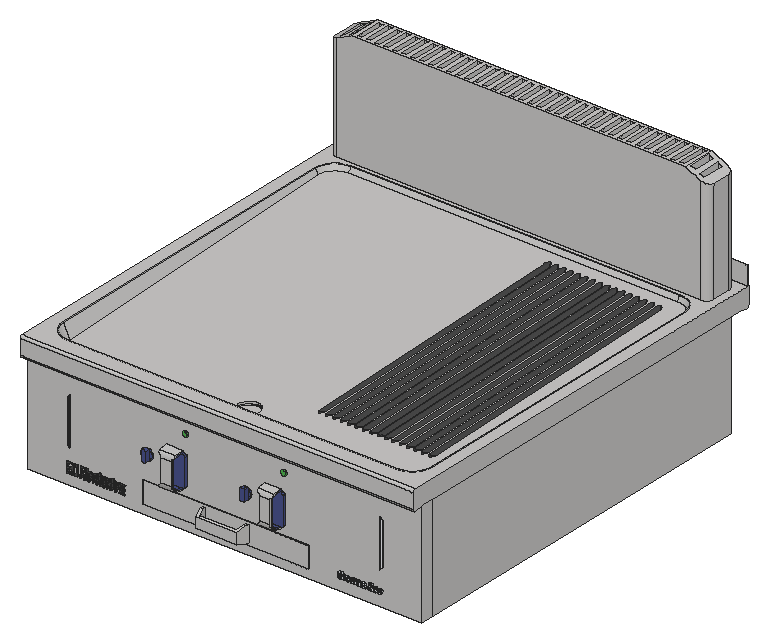
Revit family "QF_ELECTROLUXPROFESSIONAL_593111_MBHOBBHOVO", category Specialty Equipment, Revit 2014
Parameters
  Weight in Pounds = 487.22
  URL Cutsheet = ""
  Type Mark [instance] = ""
  Specification by User [instance] = ""
  Specification by Manufacturer = ""
  Serial Number = ""
  Seismic Rating = ""
  SMACNA No = ""
  Revision Code [instance] = ""
  Omniclass Number and Title = ""
  NAFEM Spec ID Number = ""
  Model = "588557"
  Masterspec = ""
  Manufacturer = "Electrolux Professional"
  Item Number [instance] = ""
  Installed By [instance] = ""
  Identify Quantity as Lot [instance] = yes
  Furnished By [instance] = ""
  Foodservice Equipment Identifier [instance] = yes
  Description = ""
  CSI MasterFormat = ""
  CSI Master Format = ""
Reference planes
  plane 1 "BACK": y = 0
  plane 2: z = 0
  plane 3 "LEFT": x = 0
  plane 4 "RIGHT": x = 800
  plane 5 "FRONT": y = -850
  plane 6 "TOP": z = 900
  plane 7 "Center (Left/Right)": x = 400
  plane 8: y = -425
  plane 9: y = -150
  plane 10: y = -65
  plane 11: y = -813
  plane 12 "GasY": y = -540
  plane 13: z = 938
  plane 14 "BaseTop": z = 650
  plane 15: y = -805
  plane 16 "Camino": y = -50
  plane 17: z = 1131
  plane 18 "GASx": x = 764
  plane 19 "PlaneRibbed": through (-6096, -91.999, 890) normal (0, -0.0262, 0.9997)
Forms (mm)
  Extrusion 1, solid, material "QF_Finishes_Stainless Steel"
    sketch origin (-178.969, -4572, 100) x (-1, 0, 0) y (0, -1, 0)
      loop
        line (-178.969, -4527) -> (-178.969, -3767) -> (-978.969, -3767) -> (-978.969, -4527) -> (-178.969, -4527)
    from 550 to 762.969
  Extrusion 2, solid, material "QF_Finishes_Stainless Steel"
    sketch origin (400, 296.4, 1219.2) x (0, 1, 0) y (0, 0, 1)
      loop
        line (-296.4, -319.2) -> (-1141.4, -319.2)
        arc (-1141.4, -319.2) -> (-1144.935, -320.664) -> (-1146.4, -324.2) r 5
        line (-1146.4, -324.2) -> (-1146.4, -355.2)
        arc (-1146.4, -355.2) -> (-1144.971, -358.264) -> (-1141.705, -359.139) r 4
        line (-1141.705, -359.139) -> (-1126.4, -356.231) -> (-316.4, -356.231) -> (-301.094, -359.139)
        arc (-301.094, -359.139) -> (-297.829, -358.264) -> (-296.4, -355.2) r 4
        line (-296.4, -355.2) -> (-296.4, -319.2)
    from -400 to 400
  Extrusion 3, void
    sketch origin (0, 0, 900) x (-1, 0, 0) y (0, -1, 0)
      loop
        arc (-65, 92) -> (-36.716, 103.716) -> (-25, 132) r 40
        line (-25, 132) -> (-25, 773)
        arc (-25, 773) -> (-36.716, 801.284) -> (-65, 813) r 40
        line (-65, 813) -> (-735, 813)
        arc (-735, 813) -> (-763.284, 801.284) -> (-775, 773) r 40
        line (-775, 773) -> (-775, 132)
        arc (-775, 132) -> (-763.284, 103.716) -> (-735, 92) r 40
        line (-735, 92) -> (-65, 92)
    from 0 to -30
  Extrusion 4, solid, material "QF_Finishes_Stainless Steel"
    sketch origin (400, 296.4, 1219.2) x (0, 1, 0) y (0, 0, 1)
      loop
        line (-296.4, -319.2) -> (-296.4, -281.2) -> (-298.4, -281.2) -> (-298.4, -319.2) -> (-296.4, -319.2)
    from 400 to -400
  Extrusion 5, solid, material "QF_Finishes_Stainless Steel"
    sketch origin (9, 0, 650) x (-1, 0, 0) y (0, -1, 0)
      loop
        circle (-755, 540) r 10.1
    from 0 to -10
  Sweep 6, solid, material "QF_Finishes_Stainless Steel"
    path origin (0, 0, 900) x (-1, 0, 0) y (0, -1, 0)
      loop
        line (-25, 132) -> (-25, 773)
        arc (-25, 773) -> (-36.716, 801.284) -> (-65, 813) r 40
        line (-65, 813) -> (-735, 813)
        arc (-735, 813) -> (-763.284, 801.284) -> (-775, 773) r 40
        line (-775, 773) -> (-775, 132)
        arc (-775, 132) -> (-763.284, 103.716) -> (-735, 92) r 40
        line (-735, 92) -> (-65, 92)
        arc (-65, 92) -> (-36.716, 103.716) -> (-25, 132) r 40
    profile origin (25, -452.5, 900) x (1, 0, 0) y (0, 0, 1)
      loop
        line (0, 0) -> (0, -30) -> (15, -30) -> (0, 0)
  Extrusion 7, void
    sketch origin (305.009, 0, 900) x (-1, 0, 0) y (0, -1, 0)
      loop
        circle (-94.991, 769) r 22.248
    from -32.282 to -6.62
  Extrusion 8, solid, material "QF_Finishes_Stainless Steel"
    sketch origin (0, -50, 900) x (1, 0, 0) y (0, 0, 1)
      loop
        line (15, 0) -> (785, 0) -> (785, 209.869) -> (739.685, 231) -> (60.315, 231) -> (15, 209.869) -> (15, 0)
    from 33 to -33
  Extrusion 9, void
    sketch origin (0, 0, 900) x (-1, 0, 0) y (0, -1, 0)
      loop
        line (-15, 83) -> (-30, 83)
        arc (-30, 83) -> (-19.393, 78.607) -> (-15, 68) r 15
        line (-15, 68) -> (-15, 83)
      loop
        line (-15, 17) -> (-15, 32)
        arc (-15, 32) -> (-19.393, 21.393) -> (-30, 17) r 15
        line (-30, 17) -> (-15, 17)
      loop
        line (-785, 83) -> (-785, 68)
        arc (-785, 68) -> (-780.607, 78.607) -> (-770, 83) r 15
        line (-770, 83) -> (-785, 83)
      loop
        line (-785, 17) -> (-770, 17)
        arc (-770, 17) -> (-780.607, 21.393) -> (-785, 32) r 15
        line (-785, 32) -> (-785, 17)
      loop
        line (-413.234, 23) -> (-413.234, 77) -> (-423.234, 77) -> (-423.234, 23) -> (-413.234, 23)
      loop
        line (-395, 23) -> (-395, 77) -> (-405, 77) -> (-405, 23) -> (-395, 23)
      loop
        line (-431.469, 23) -> (-431.469, 77) -> (-441.469, 77) -> (-441.469, 23) -> (-431.469, 23)
      loop
        line (-449.703, 23) -> (-449.703, 77) -> (-459.703, 77) -> (-459.703, 23) -> (-449.703, 23)
      loop
        line (-467.938, 23) -> (-467.938, 77) -> (-477.938, 77) -> (-477.938, 23) -> (-467.938, 23)
      loop
        line (-486.172, 23) -> (-486.172, 77) -> (-496.172, 77) -> (-496.172, 23) -> (-486.172, 23)
      loop
        line (-504.406, 23) -> (-504.406, 77) -> (-514.406, 77) -> (-514.406, 23) -> (-504.406, 23)
      loop
        line (-522.641, 23) -> (-522.641, 77) -> (-532.641, 77) -> (-532.641, 23) -> (-522.641, 23)
      loop
        line (-540.875, 23) -> (-540.875, 77) -> (-550.875, 77) -> (-550.875, 23) -> (-540.875, 23)
      loop
        line (-559.109, 23) -> (-559.109, 77) -> (-569.109, 77) -> (-569.109, 23) -> (-559.109, 23)
      loop
        line (-577.344, 23) -> (-577.344, 77) -> (-587.344, 77) -> (-587.344, 23) -> (-577.344, 23)
      loop
        line (-595.578, 23) -> (-595.578, 77) -> (-605.578, 77) -> (-605.578, 23) -> (-595.578, 23)
      loop
        line (-613.813, 23) -> (-613.813, 77) -> (-623.813, 77) -> (-623.813, 23) -> (-613.813, 23)
      loop
        line (-632.047, 23) -> (-632.047, 77) -> (-642.047, 77) -> (-642.047, 23) -> (-632.047, 23)
      loop
        line (-650.281, 23) -> (-650.281, 77) -> (-660.281, 77) -> (-660.281, 23) -> (-650.281, 23)
      loop
        line (-668.516, 23) -> (-668.516, 77) -> (-678.516, 77) -> (-678.516, 23) -> (-668.516, 23)
      loop
        line (-686.75, 23) -> (-686.75, 77) -> (-696.75, 77) -> (-696.75, 23) -> (-686.75, 23)
      loop
        line (-704.985, 23) -> (-704.985, 77) -> (-714.985, 77) -> (-714.985, 23) -> (-704.985, 23)
      loop
        line (-723.219, 23) -> (-723.219, 77) -> (-733.219, 77) -> (-733.219, 23) -> (-723.219, 23)
      loop
        line (-741.453, 26) -> (-741.453, 74) -> (-751.453, 74) -> (-751.453, 26) -> (-741.453, 26)
      loop
        line (-759.688, 26) -> (-759.688, 74) -> (-769.688, 74) -> (-769.688, 26) -> (-759.688, 26)
      loop
        line (-386.766, 23) -> (-376.766, 23) -> (-376.766, 77) -> (-386.766, 77) -> (-386.766, 23)
      loop
        line (-368.531, 23) -> (-358.531, 23) -> (-358.531, 77) -> (-368.531, 77) -> (-368.531, 23)
      loop
        line (-350.297, 23) -> (-340.297, 23) -> (-340.297, 77) -> (-350.297, 77) -> (-350.297, 23)
      loop
        line (-332.062, 23) -> (-322.062, 23) -> (-322.062, 77) -> (-332.062, 77) -> (-332.062, 23)
      loop
        line (-313.828, 23) -> (-303.828, 23) -> (-303.828, 77) -> (-313.828, 77) -> (-313.828, 23)
      loop
        line (-295.594, 23) -> (-285.594, 23) -> (-285.594, 77) -> (-295.594, 77) -> (-295.594, 23)
      loop
        line (-277.359, 23) -> (-267.359, 23) -> (-267.359, 77) -> (-277.359, 77) -> (-277.359, 23)
      loop
        line (-259.125, 23) -> (-249.125, 23) -> (-249.125, 77) -> (-259.125, 77) -> (-259.125, 23)
      loop
        line (-240.891, 23) -> (-230.891, 23) -> (-230.891, 77) -> (-240.891, 77) -> (-240.891, 23)
      loop
        line (-222.656, 23) -> (-212.656, 23) -> (-212.656, 77) -> (-222.656, 77) -> (-222.656, 23)
      loop
        line (-204.422, 23) -> (-194.422, 23) -> (-194.422, 77) -> (-204.422, 77) -> (-204.422, 23)
      loop
        line (-186.187, 23) -> (-176.187, 23) -> (-176.187, 77) -> (-186.187, 77) -> (-186.187, 23)
      loop
        line (-167.953, 23) -> (-157.953, 23) -> (-157.953, 77) -> (-167.953, 77) -> (-167.953, 23)
      loop
        line (-149.719, 23) -> (-139.719, 23) -> (-139.719, 77) -> (-149.719, 77) -> (-149.719, 23)
      loop
        line (-131.484, 23) -> (-121.484, 23) -> (-121.484, 77) -> (-131.484, 77) -> (-131.484, 23)
      loop
        line (-113.25, 23) -> (-103.25, 23) -> (-103.25, 77) -> (-113.25, 77) -> (-113.25, 23)
      loop
        line (-95.015, 23) -> (-85.015, 23) -> (-85.015, 77) -> (-95.015, 77) -> (-95.015, 23)
      loop
        line (-76.781, 23) -> (-66.781, 23) -> (-66.781, 77) -> (-76.781, 77) -> (-76.781, 23)
      loop
        line (-58.547, 26) -> (-48.547, 26) -> (-48.547, 74) -> (-58.547, 74) -> (-58.547, 26)
      loop
        line (-40.312, 26) -> (-30.312, 26) -> (-30.312, 74) -> (-40.312, 74) -> (-40.312, 26)
    from 231 to 0
  Extrusion 10, solid, material "QF_Finishes_Stainless Steel"
    sketch origin (400, 296.4, 1219.2) x (0, 1, 0) y (0, 0, 1)
      loop
        line (-1109.4, -349.2) -> (-388.4, -349.2) -> (-388.4, -329.2) -> (-1109.4, -347.5) -> (-1109.4, -349.2)
    from -375 to 375
  Extrusion 11, void
    sketch origin (305.009, 0, 900) x (-1, 0, 0) y (0, -1, 0)
      loop
        circle (-94.991, 769) r 22.248
    from -32.282 to -6.62
Cuts and joins
  Extrusion 3, Extrusion 7, Extrusion 9, Extrusion 11 cuts Extrusion 2
  Extrusion 9 cuts Extrusion 8
  Extrusion 11 cuts Sweep 6
  Extrusion 11 cuts Extrusion 10
  joined: Sweep 6, Extrusion 10
Lines and regions (mm)
  symbolic lines
    curve 1: line (0, 0, 100) -> (800, 0, 100)
    curve 2: line (0, -850, 100) -> (0, 0, 100)
    curve 3: line (800, -850, 100) -> (0, -850, 100)
    curve 4: line (800, 0, 100) -> (800, -850, 100)
    curve 5: line (0, -2, 0) -> (800, -2, 0)
    curve 6: line (734.029, -92, 0) -> (65.29, -92, 0)
    curve 7: line (65.29, -813, 0) -> (734.029, -813, 0)
    curve 8: line (65, -107, 900) -> (735, -107, 900)
    curve 9: line (735, -798, 900) -> (65, -798, 900)
    curve 10: arc (760, -773, 900) -> (752.678, -790.678, 900) -> (735, -798, 900) r 25
    curve 11: line (760, -132, 900) -> (760, -773, 900)
    curve 12: arc (735, -107, 900) -> (752.678, -114.322, 900) -> (760, -132, 900) r 25
    curve 13: circle (400, -769, 900) r 22.248 normal (0, 0, 1)
    curve 14: arc (90.5, -112.483, 900) -> (62.314, -124.096, 900) -> (50.5, -152.198, 900) r 39.994
    curve 15: line (90.5, -112.482, 900) -> (710.5, -112.482, 900)
    curve 16: line (50.5, -686.082, 900) -> (50.5, -152.198, 900)
    curve 17: arc (50.5, -686.082, 900) -> (62.314, -714.184, 900) -> (90.5, -725.797, 900) r 39.994
    curve 18: line (710.5, -725.798, 900) -> (90.5, -725.798, 900)
    curve 19: line (40.29, -731.526, 900) -> (760, -731.526, 900)
    curve 20: line (40.29, -741.526, 900) -> (760, -741.526, 900)
    curve 21: arc (65, -92, 900) -> (36.716, -103.716, 900) -> (25, -132, 900) r 40
    curve 22: line (25, -132, 900) -> (25, -773, 900)
    curve 23: arc (25, -773, 900) -> (36.716, -801.284, 900) -> (65, -813, 900) r 40
    curve 24: arc (735, -813, 900) -> (763.284, -801.284, 900) -> (775, -773, 900) r 40
    curve 25: line (775, -773, 900) -> (775, -132, 900)
    curve 26: arc (775, -132, 900) -> (763.284, -103.716, 900) -> (735, -92, 900) r 40
    curve 27: arc (709.5, -112.483, 900) -> (737.686, -124.096, 900) -> (749.5, -152.198, 900) r 39.994
    curve 28: line (749.5, -686.082, 900) -> (749.5, -152.198, 900)
    curve 29: arc (749.5, -686.082, 900) -> (737.686, -714.184, 900) -> (709.5, -725.797, 900) r 39.994
    curve 30: arc (65, -798, 900) -> (47.322, -790.678, 900) -> (40, -773, 900) r 25
    curve 31: line (40, -773, 900) -> (40, -132, 900)
    curve 32: arc (40, -132, 900) -> (47.322, -114.322, 900) -> (65, -107, 900) r 25
    curve 33: line (30, -83, 650) -> (770, -83, 650)
    curve 34: line (770, -17, 650) -> (30, -17, 650)
    curve 35: arc (15, -32, 650) -> (19.393, -21.393, 650) -> (30, -17, 650) r 15
    curve 36: line (15, -32, 650) -> (15, -68, 650)
    curve 37: arc (30, -83, 650) -> (19.393, -78.607, 650) -> (15, -68, 650) r 15
    curve 38: arc (785, -68, 650) -> (780.607, -78.607, 650) -> (770, -83, 650) r 15
    curve 39: line (785, -68, 650) -> (785, -32, 650)
    curve 40: arc (770, -17, 650) -> (780.607, -21.393, 650) -> (785, -32, 650) r 15
    curve 41: line (30.312, -26, 650) -> (30.312, -74, 650)
    curve 42: line (40.312, -26, 650) -> (30.312, -26, 650)
    curve 43: line (30.312, -74, 650) -> (40.312, -74, 650)
    curve 44: line (40.312, -74, 650) -> (40.312, -26, 650)
    curve 45: line (48.547, -74, 650) -> (58.547, -74, 650)
    curve 46: line (48.547, -26, 650) -> (48.547, -74, 650)
    curve 47: line (58.547, -26, 650) -> (48.547, -26, 650)
    curve 48: line (58.547, -74, 650) -> (58.547, -26, 650)
    curve 49: line (66.781, -23, 650) -> (66.781, -77, 650)
    curve 50: line (66.781, -23, 650) -> (76.781, -23, 650)
    curve 51: line (76.781, -23, 650) -> (76.781, -77, 650)
    curve 52: line (76.781, -77, 650) -> (66.781, -77, 650)
    curve 53: line (85.015, -23, 650) -> (85.015, -77, 650)
    curve 54: line (85.015, -23, 650) -> (95.015, -23, 650)
    curve 55: line (95.015, -23, 650) -> (95.015, -77, 650)
    curve 56: line (95.015, -77, 650) -> (85.015, -77, 650)
    curve 57: line (103.25, -23, 650) -> (103.25, -77, 650)
    curve 58: line (103.25, -23, 650) -> (113.25, -23, 650)
    curve 59: line (113.25, -23, 650) -> (113.25, -77, 650)
    curve 60: line (113.25, -77, 650) -> (103.25, -77, 650)
    curve 61: line (121.484, -23, 650) -> (121.484, -77, 650)
    curve 62: line (121.484, -23, 650) -> (131.484, -23, 650)
    curve 63: line (131.484, -23, 650) -> (131.484, -77, 650)
    curve 64: line (131.484, -77, 650) -> (121.484, -77, 650)
    curve 65: line (139.719, -23, 650) -> (139.719, -77, 650)
    curve 66: line (139.719, -23, 650) -> (149.719, -23, 650)
    curve 67: line (149.719, -23, 650) -> (149.719, -77, 650)
    curve 68: line (149.719, -77, 650) -> (139.719, -77, 650)
    curve 69: line (157.953, -23, 650) -> (157.953, -77, 650)
    curve 70: line (157.953, -23, 650) -> (167.953, -23, 650)
    curve 71: line (167.953, -23, 650) -> (167.953, -77, 650)
    curve 72: line (167.953, -77, 650) -> (157.953, -77, 650)
    curve 73: line (176.187, -23, 650) -> (176.187, -77, 650)
    curve 74: line (176.187, -23, 650) -> (186.187, -23, 650)
    curve 75: line (186.187, -23, 650) -> (186.187, -77, 650)
    curve 76: line (186.187, -77, 650) -> (176.187, -77, 650)
    curve 77: line (194.422, -23, 650) -> (194.422, -77, 650)
    curve 78: line (194.422, -23, 650) -> (204.422, -23, 650)
    curve 79: line (204.422, -23, 650) -> (204.422, -77, 650)
    curve 80: line (204.422, -77, 650) -> (194.422, -77, 650)
    curve 81: line (212.656, -23, 650) -> (212.656, -77, 650)
    curve 82: line (212.656, -23, 650) -> (222.656, -23, 650)
    curve 83: line (222.656, -23, 650) -> (222.656, -77, 650)
    curve 84: line (222.656, -77, 650) -> (212.656, -77, 650)
    curve 85: line (230.891, -23, 650) -> (230.891, -77, 650)
    curve 86: line (230.891, -23, 650) -> (240.891, -23, 650)
    curve 87: line (240.891, -23, 650) -> (240.891, -77, 650)
    curve 88: line (240.891, -77, 650) -> (230.891, -77, 650)
    curve 89: line (249.125, -23, 650) -> (249.125, -77, 650)
    curve 90: line (249.125, -23, 650) -> (259.125, -23, 650)
    curve 91: line (259.125, -23, 650) -> (259.125, -77, 650)
    curve 92: line (259.125, -77, 650) -> (249.125, -77, 650)
    curve 93: line (267.359, -23, 650) -> (267.359, -77, 650)
    curve 94: line (267.359, -23, 650) -> (277.359, -23, 650)
    curve 95: line (277.359, -23, 650) -> (277.359, -77, 650)
    curve 96: line (277.359, -77, 650) -> (267.359, -77, 650)
    curve 97: line (285.594, -23, 650) -> (285.594, -77, 650)
    curve 98: line (285.594, -23, 650) -> (295.594, -23, 650)
    curve 99: line (295.594, -23, 650) -> (295.594, -77, 650)
    curve 100: line (295.594, -77, 650) -> (285.594, -77, 650)
    curve 101: line (303.828, -23, 650) -> (303.828, -77, 650)
    curve 102: line (303.828, -23, 650) -> (313.828, -23, 650)
    curve 103: line (313.828, -23, 650) -> (313.828, -77, 650)
    curve 104: line (313.828, -77, 650) -> (303.828, -77, 650)
    curve 105: line (322.062, -23, 650) -> (322.062, -77, 650)
    curve 106: line (322.062, -23, 650) -> (332.062, -23, 650)
    curve 107: line (332.062, -23, 650) -> (332.062, -77, 650)
    curve 108: line (332.062, -77, 650) -> (322.062, -77, 650)
    curve 109: line (340.297, -23, 650) -> (340.297, -77, 650)
    curve 110: line (340.297, -23, 650) -> (350.297, -23, 650)
    curve 111: line (350.297, -23, 650) -> (350.297, -77, 650)
    curve 112: line (350.297, -77, 650) -> (340.297, -77, 650)
    curve 113: line (358.531, -23, 650) -> (358.531, -77, 650)
    curve 114: line (358.531, -23, 650) -> (368.531, -23, 650)
    curve 115: line (368.531, -23, 650) -> (368.531, -77, 650)
    curve 116: line (368.531, -77, 650) -> (358.531, -77, 650)
    curve 117: line (376.766, -23, 650) -> (376.766, -77, 650)
    curve 118: line (376.766, -23, 650) -> (386.766, -23, 650)
    curve 119: line (386.766, -23, 650) -> (386.766, -77, 650)
    curve 120: line (386.766, -77, 650) -> (376.766, -77, 650)
    curve 121: line (395, -23, 650) -> (395, -77, 650)
    curve 122: line (395, -23, 650) -> (405, -23, 650)
    curve 123: line (405, -23, 650) -> (405, -77, 650)
    curve 124: line (405, -77, 650) -> (395, -77, 650)
    curve 125: line (413.234, -23, 650) -> (413.234, -77, 650)
    curve 126: line (413.234, -23, 650) -> (423.234, -23, 650)
    curve 127: line (423.234, -23, 650) -> (423.234, -77, 650)
    curve 128: line (423.234, -77, 650) -> (413.234, -77, 650)
    curve 129: line (431.469, -23, 650) -> (431.469, -77, 650)
    curve 130: line (431.469, -23, 650) -> (441.469, -23, 650)
    curve 131: line (441.469, -23, 650) -> (441.469, -77, 650)
    curve 132: line (441.469, -77, 650) -> (431.469, -77, 650)
    curve 133: line (449.703, -23, 650) -> (449.703, -77, 650)
    curve 134: line (449.703, -23, 650) -> (459.703, -23, 650)
    curve 135: line (459.703, -23, 650) -> (459.703, -77, 650)
    curve 136: line (459.703, -77, 650) -> (449.703, -77, 650)
    curve 137: line (467.938, -23, 650) -> (467.938, -77, 650)
    curve 138: line (467.938, -23, 650) -> (477.938, -23, 650)
    curve 139: line (477.938, -23, 650) -> (477.938, -77, 650)
    curve 140: line (477.938, -77, 650) -> (467.938, -77, 650)
    curve 141: line (486.172, -23, 650) -> (486.172, -77, 650)
    curve 142: line (486.172, -23, 650) -> (496.172, -23, 650)
    curve 143: line (496.172, -23, 650) -> (496.172, -77, 650)
    curve 144: line (496.172, -77, 650) -> (486.172, -77, 650)
    curve 145: line (504.406, -23, 650) -> (504.406, -77, 650)
    curve 146: line (504.406, -23, 650) -> (514.406, -23, 650)
    curve 147: line (514.406, -23, 650) -> (514.406, -77, 650)
    curve 148: line (514.406, -77, 650) -> (504.406, -77, 650)
    curve 149: line (522.641, -23, 650) -> (522.641, -77, 650)
    curve 150: line (522.641, -23, 650) -> (532.641, -23, 650)
    curve 151: line (532.641, -23, 650) -> (532.641, -77, 650)
    curve 152: line (532.641, -77, 650) -> (522.641, -77, 650)
    curve 153: line (540.875, -23, 650) -> (540.875, -77, 650)
    curve 154: line (540.875, -23, 650) -> (550.875, -23, 650)
    curve 155: line (550.875, -23, 650) -> (550.875, -77, 650)
    curve 156: line (550.875, -77, 650) -> (540.875, -77, 650)
    curve 157: line (559.109, -23, 650) -> (559.109, -77, 650)
    curve 158: line (559.109, -23, 650) -> (569.109, -23, 650)
    curve 159: line (569.109, -23, 650) -> (569.109, -77, 650)
    curve 160: line (569.109, -77, 650) -> (559.109, -77, 650)
    curve 161: line (577.344, -23, 650) -> (577.344, -77, 650)
    curve 162: line (577.344, -23, 650) -> (587.344, -23, 650)
    curve 163: line (587.344, -23, 650) -> (587.344, -77, 650)
    curve 164: line (587.344, -77, 650) -> (577.344, -77, 650)
    curve 165: line (595.578, -23, 650) -> (595.578, -77, 650)
    curve 166: line (595.578, -23, 650) -> (605.578, -23, 650)
    curve 167: line (605.578, -23, 650) -> (605.578, -77, 650)
    curve 168: line (605.578, -77, 650) -> (595.578, -77, 650)
    curve 169: line (613.813, -23, 650) -> (613.813, -77, 650)
    curve 170: line (613.813, -23, 650) -> (623.813, -23, 650)
    curve 171: line (623.813, -23, 650) -> (623.813, -77, 650)
    curve 172: line (623.813, -77, 650) -> (613.813, -77, 650)
    curve 173: line (632.047, -23, 650) -> (632.047, -77, 650)
    curve 174: line (632.047, -23, 650) -> (642.047, -23, 650)
    curve 175: line (642.047, -23, 650) -> (642.047, -77, 650)
    curve 176: line (642.047, -77, 650) -> (632.047, -77, 650)
    curve 177: line (650.281, -23, 650) -> (650.281, -77, 650)
    curve 178: line (650.281, -23, 650) -> (660.281, -23, 650)
    curve 179: line (660.281, -23, 650) -> (660.281, -77, 650)
    curve 180: line (660.281, -77, 650) -> (650.281, -77, 650)
    curve 181: line (668.516, -23, 650) -> (668.516, -77, 650)
    curve 182: line (668.516, -23, 650) -> (678.516, -23, 650)
    curve 183: line (678.516, -23, 650) -> (678.516, -77, 650)
    curve 184: line (678.516, -77, 650) -> (668.516, -77, 650)
    curve 185: line (686.75, -23, 650) -> (686.75, -77, 650)
    curve 186: line (686.75, -23, 650) -> (696.75, -23, 650)
    curve 187: line (696.75, -23, 650) -> (696.75, -77, 650)
    curve 188: line (696.75, -77, 650) -> (686.75, -77, 650)
    curve 189: line (704.985, -23, 650) -> (704.985, -77, 650)
    curve 190: line (704.985, -23, 650) -> (714.985, -23, 650)
    curve 191: line (714.985, -23, 650) -> (714.985, -77, 650)
    curve 192: line (714.985, -77, 650) -> (704.985, -77, 650)
    curve 193: line (723.219, -23, 650) -> (723.219, -77, 650)
    curve 194: line (723.219, -23, 650) -> (733.219, -23, 650)
    curve 195: line (733.219, -23, 650) -> (733.219, -77, 650)
    curve 196: line (733.219, -77, 650) -> (723.219, -77, 650)
    curve 197: line (741.453, -26, 650) -> (741.453, -74, 650)
    curve 198: line (741.453, -26, 650) -> (751.453, -26, 650)
    curve 199: line (751.453, -26, 650) -> (751.453, -74, 650)
    curve 200: line (751.453, -74, 650) -> (741.453, -74, 650)
    curve 201: line (759.688, -26, 650) -> (759.688, -74, 650)
    curve 202: line (759.688, -26, 650) -> (769.688, -26, 650)
    curve 203: line (769.688, -26, 650) -> (769.688, -74, 650)
    curve 204: line (769.688, -74, 650) -> (759.688, -74, 650)
Dimensions and locks
  plane 3 "LEFT" to plane 4 "RIGHT" = 800 mm
  locked: plane 5 "FRONT" to plane 1 "BACK" at 850
  plane 3 "LEFT" to plane 7 "Center (Left/Right)" to plane 4 "RIGHT" = 400 mm, 400 mm
  equal spacing: plane 5 "FRONT", plane 8, plane 1 "BACK"
  plane 6 "TOP" to level = 900 mm  (x2)
  plane 1 "BACK" to plane 9 = 150 mm
  plane 12 "GasY" to plane 1 "BACK" = 540 mm
  plane 13 to plane 6 "TOP" = 38 mm
  plane 10 to plane 1 "BACK" = 65 mm
  plane 5 "FRONT" to plane 11 = 37 mm
  locked: plane 6 "TOP" to plane 14 "BaseTop" at 250
  locked: plane 15 to plane 5 "FRONT" at 45
  plane 16 "Camino" to plane 1 "BACK" = 50 mm
  plane 17 to plane 6 "TOP" = 231 mm
  plane 18 "GASx" to plane 4 "RIGHT" = 36 mm
  aligned and locked: level to plane 2
  aligned and locked: cut or joined group of Extrusion 2, Extrusion 3, Extrusion 7, Extrusion 9, Extrusion 11 to plane 3 "LEFT"
  aligned and locked: cut or joined group of Extrusion 2, Extrusion 3, Extrusion 7, Extrusion 9, Extrusion 11 to plane 4 "RIGHT"
  aligned and locked: nested 1 to plane 15
  aligned and locked: Extrusion 1 to plane 15
  aligned and locked: Extrusion 4 to plane 3 "LEFT"
  aligned and locked: Extrusion 4 to plane 4 "RIGHT"
  aligned and locked: plane 3 "LEFT" to nested 1
Automatic sketch dimensions
  curve 5 to plane 3 "LEFT" = 0 mm
  plane 11 to curve 7 = 0 mm
  curve 5 to plane 4 "RIGHT" = 0 mm
  plane 10 to curve 6 = 27 mm
  plane 3 "LEFT" to curve 6 = 65.29 mm
  plane 3 "LEFT" to curve 7 = 65.29 mm
  plane 18 "GASx" to curve 6 = 29.971 mm
  plane 18 "GASx" to curve 7 = 29.971 mm
  plane 1 "BACK" to curve 5 = 2 mm
  Extrusion 1 sketch curve to plane 4 "RIGHT" = 0 mm
  Extrusion 1 sketch curve to plane 3 "LEFT" = 0 mm
  Extrusion 1 sketch curve to plane 15 = 0 mm
  Extrusion 1 sketch curve to plane 16 "Camino" = 5 mm
  plane 1 "BACK" to curve 1 = 0 mm
  curve 1 to plane 4 "RIGHT" = 0 mm
  curve 3 to plane 3 "LEFT" = 0 mm
  plane 5 "FRONT" to curve 3 = 0 mm
  Extrusion 2 sketch curve to plane 5 "FRONT" = 0 mm
  Extrusion 2 sketch curve to plane 6 "TOP" = 0 mm
  Extrusion 2 sketch curve to plane 1 "BACK" = 0 mm
  Extrusion 2 sketch curve to Extrusion 2 sketch curve = 4 mm
  Extrusion 2 sketch curve to Extrusion 2 sketch curve = 0.695 mm
  Extrusion 2 sketch curve to plane 5 "FRONT" = 5 mm
  Extrusion 2 sketch curve to Extrusion 2 sketch curve = 15.305 mm
  plane 1 "BACK" to Extrusion 2 sketch curve = 20 mm
  plane 1 "BACK" to Extrusion 2 sketch curve = 4.695 mm
  plane 1 "BACK" to Extrusion 2 sketch curve = 4 mm
  Extrusion 2 sketch curve to Extrusion 2 sketch curve = 31 mm
  Extrusion 2 sketch curve to Extrusion 2 sketch curve = 36 mm
  Extrusion 2 sketch curve to Extrusion 2 sketch curve = 2.909 mm
  plane 11 to Extrusion 3 sketch curve = 0 mm
  Extrusion 3 sketch curve to plane 18 "GASx" = 11 mm
  plane 18 "GASx" to Extrusion 3 sketch curve = 29 mm  (x2)
  plane 3 "LEFT" to Extrusion 3 sketch curve = 65 mm  (x2)
  plane 9 to Extrusion 3 sketch curve = 18 mm
  plane 3 "LEFT" to Extrusion 3 sketch curve = 25 mm
  curve 10 to curve 24 = 0 mm  (x2)
  curve 12 to curve 26 = 0 mm  (x2)
  curve 21 to curve 32 = 0 mm  (x2)
  curve 23 to curve 30 = 0 mm  (x2)
  plane 11 to curve 24 = 0 mm
  curve 13 to plane 7 "Center (Left/Right)" = 0 mm
  plane 11 to curve 23 = 0 mm
  curve 29 to plane 12 "GasY" = 145.803 mm
  plane 18 "GASx" to curve 29 = 54.493 mm
  curve 27 to plane 9 = 2.477 mm
  plane 18 "GASx" to curve 27 = 54.493 mm
  plane 9 to curve 12 = 18 mm
  plane 18 "GASx" to curve 12 = 29 mm
  plane 18 "GASx" to curve 24 = 29 mm
  curve 28 to plane 9 = 2.198 mm
  plane 18 "GASx" to curve 28 = 14.5 mm
  plane 18 "GASx" to curve 11 = 4 mm
  curve 25 to plane 18 "GASx" = 11 mm
  curve 17 to plane 12 "GasY" = 145.803 mm
  plane 3 "LEFT" to curve 17 = 90.493 mm
  curve 14 to plane 9 = 2.477 mm
  plane 3 "LEFT" to curve 14 = 90.493 mm
  curve 14 to curve 21 = 25.493 mm
  curve 23 to plane 11 = 40 mm
  plane 3 "LEFT" to curve 23 = 65 mm
  curve 17 to curve 16 = 39.993 mm
  curve 16 to plane 9 = 2.198 mm
  curve 16 to plane 12 "GasY" = 146.082 mm
  curve 28 to plane 12 "GasY" = 146.082 mm
  curve 13 to plane 11 = 44 mm
  curve 8 to curve 27 = 25.5 mm
  curve 29 to curve 29 = 0.007 mm
  curve 15 to curve 27 = 1 mm
  curve 18 to curve 29 = 1 mm
  curve 18 to curve 17 = 0.007 mm
  curve 15 to curve 8 = 25.5 mm
  curve 15 to curve 14 = 0 mm
  curve 18 to curve 17 = 0 mm
  curve 20 to curve 30 = 0.29 mm
  curve 19 to curve 20 = 0 mm
  curve 15 to curve 14 = 0.001 mm
  curve 29 to curve 18 = 0.001 mm
  curve 19 to curve 30 = 41.474 mm
  curve 19 to curve 20 = 10 mm
  Extrusion 4 sketch curve to plane 6 "TOP" = 0 mm
  Extrusion 4 sketch curve to plane 13 = 0 mm
  Extrusion 4 sketch curve to plane 1 "BACK" = 0 mm
  Extrusion 4 sketch curve to Extrusion 4 sketch curve = 2 mm
  Extrusion 5 sketch curve to plane 12 "GasY" = 0 mm
  Extrusion 5 sketch curve to plane 18 "GASx" = 0 mm
  plane 11 to Sweep 6 sketch curve = 0 mm
  Sweep 6 sketch curve to plane 18 "GASx" = 11 mm
  plane 18 "GASx" to Sweep 6 sketch curve = 29 mm  (x2)
  plane 3 "LEFT" to Sweep 6 sketch curve = 65 mm  (x2)
  plane 10 to Sweep 6 sketch curve = 27 mm
  plane 3 "LEFT" to Sweep 6 sketch curve = 25 mm
  profile plane to Sweep 6 sketch curve = 0 mm
  Sweep 6 sketch curve to plane 6 "TOP" = 0 mm
  Sweep 6 sketch curve to profile plane = 15 mm
  Sweep 6 sketch curve to plane 6 "TOP" = 30 mm
  Extrusion 7 sketch curve to plane 7 "Center (Left/Right)" = 0 mm
  Extrusion 7 sketch curve to plane 11 = 44 mm
  Extrusion 7 sketch curve to plane 7 "Center (Left/Right)" = 12.288 mm
  Extrusion 7 sketch curve to Extrusion 7 sketch curve = 0 mm
  Extrusion 7 sketch curve to Extrusion 7 sketch curve = 18.547 mm
  Extrusion 8 sketch curve to plane 6 "TOP" = 0 mm
  Extrusion 8 sketch curve to plane 17 = 0 mm
  plane 3 "LEFT" to Extrusion 8 sketch curve = 15 mm
  Extrusion 8 sketch curve to Extrusion 8 sketch curve = 45.315 mm
  plane 18 "GASx" to Extrusion 8 sketch curve = 24.315 mm
  plane 4 "RIGHT" to Extrusion 8 sketch curve = 15 mm
  Extrusion 8 sketch curve to plane 17 = 21.131 mm  (x2)
  plane 10 to Extrusion 9 sketch curve = 3 mm  (x2)
  plane 4 "RIGHT" to Extrusion 9 sketch curve = 15 mm  (x2)
  Extrusion 9 sketch curve to plane 18 "GASx" = 6 mm  (x2)
  Extrusion 9 sketch curve to plane 18 "GASx" = 5.688 mm
  plane 18 "GASx" to Extrusion 9 sketch curve = 4.312 mm
  Extrusion 9 sketch curve to Extrusion 9 sketch curve = 8.234 mm  (x39)
  Extrusion 9 sketch curve to Extrusion 9 sketch curve = 10 mm  (x39)
  plane 7 "Center (Left/Right)" to Extrusion 9 sketch curve = 5 mm
  Extrusion 9 sketch curve to plane 7 "Center (Left/Right)" = 5 mm
  Extrusion 9 sketch curve to Extrusion 9 sketch curve = 0.312 mm  (x2)
  Extrusion 9 sketch curve to Extrusion 9 sketch curve = 15 mm  (x2)
  Extrusion 9 sketch curve to plane 16 "Camino" = 18 mm  (x2)
  Extrusion 9 sketch curve to plane 16 "Camino" = 24 mm
  Extrusion 9 sketch curve to Extrusion 9 sketch curve = 6 mm  (x2)
  Extrusion 9 sketch curve to Extrusion 9 sketch curve = 0 mm  (x67)
  plane 1 "BACK" to Extrusion 9 sketch curve = 23 mm  (x2)
  Extrusion 9 sketch curve to Extrusion 9 sketch curve = 3 mm  (x3)
  plane 10 to Extrusion 9 sketch curve = 9 mm  (x3)
  plane 10 to Extrusion 9 sketch curve = 12 mm  (x4)
  plane 10 to curve 39 = 3 mm
  plane 4 "RIGHT" to curve 39 = 15 mm
  curve 34 to plane 18 "GASx" = 6 mm
  curve 33 to plane 18 "GASx" = 6 mm
  curve 203 to plane 18 "GASx" = 5.688 mm
  plane 18 "GASx" to curve 202 = 4.312 mm
  curve 201 to curve 198 = 8.234 mm
  curve 198 to curve 198 = 10 mm
  curve 197 to curve 194 = 8.234 mm
  curve 195 to curve 196 = 10 mm
  curve 193 to curve 192 = 8.234 mm
  curve 190 to curve 190 = 10 mm
  curve 189 to curve 186 = 8.234 mm
  curve 186 to curve 186 = 10 mm
  curve 185 to curve 182 = 8.234 mm
  curve 183 to curve 184 = 10 mm
  curve 181 to curve 180 = 8.234 mm
  curve 178 to curve 178 = 10 mm
  curve 177 to curve 174 = 8.234 mm
  curve 174 to curve 174 = 10 mm
  curve 173 to curve 170 = 8.234 mm
  curve 171 to curve 172 = 10 mm
  curve 169 to curve 168 = 8.234 mm
  curve 166 to curve 166 = 10 mm
  curve 165 to curve 162 = 8.234 mm
  curve 162 to curve 162 = 10 mm
  curve 161 to curve 158 = 8.234 mm
  curve 159 to curve 160 = 10 mm
  curve 157 to curve 156 = 8.234 mm
  curve 154 to curve 154 = 10 mm
  curve 153 to curve 150 = 8.234 mm
  curve 150 to curve 150 = 10 mm
  curve 149 to curve 146 = 8.234 mm
  curve 147 to curve 148 = 10 mm
  curve 145 to curve 144 = 8.234 mm
  curve 142 to curve 142 = 10 mm
  curve 141 to curve 138 = 8.234 mm
  curve 138 to curve 138 = 10 mm
  curve 137 to curve 134 = 8.234 mm
  curve 135 to curve 136 = 10 mm
  curve 133 to curve 132 = 8.234 mm
  curve 130 to curve 130 = 10 mm
  curve 129 to curve 126 = 8.234 mm
  curve 126 to curve 126 = 10 mm
  plane 7 "Center (Left/Right)" to curve 123 = 5 mm
  curve 121 to plane 7 "Center (Left/Right)" = 5 mm
  curve 121 to curve 120 = 8.234 mm
  curve 118 to curve 117 = 10 mm
  curve 117 to curve 116 = 8.234 mm
  curve 114 to curve 114 = 10 mm
  curve 113 to curve 110 = 8.234 mm
  curve 110 to curve 110 = 10 mm
  curve 109 to curve 106 = 8.234 mm
  curve 107 to curve 108 = 10 mm
  curve 105 to curve 104 = 8.234 mm
  curve 102 to curve 102 = 10 mm
  curve 101 to curve 98 = 8.234 mm
  curve 98 to curve 98 = 10 mm
  curve 97 to curve 94 = 8.234 mm
  curve 95 to curve 96 = 10 mm
  curve 93 to curve 92 = 8.234 mm
  curve 90 to curve 90 = 10 mm
  curve 89 to curve 86 = 8.234 mm
  curve 86 to curve 86 = 10 mm
  curve 85 to curve 82 = 8.234 mm
  curve 83 to curve 84 = 10 mm
  curve 81 to curve 80 = 8.234 mm
  curve 78 to curve 78 = 10 mm
  curve 77 to curve 74 = 8.234 mm
  curve 74 to curve 74 = 10 mm
  curve 73 to curve 70 = 8.234 mm
  curve 70 to curve 70 = 10 mm
  curve 69 to curve 66 = 8.234 mm
  curve 67 to curve 68 = 10 mm
  curve 65 to curve 64 = 8.234 mm
  curve 63 to curve 64 = 10 mm
  curve 61 to curve 60 = 8.234 mm
  curve 59 to curve 60 = 10 mm
  curve 57 to curve 54 = 8.234 mm
  curve 54 to curve 54 = 10 mm
  curve 53 to curve 50 = 8.234 mm
  curve 51 to curve 52 = 10 mm
  curve 49 to curve 48 = 8.234 mm
  curve 47 to curve 46 = 10 mm
  curve 45 to curve 44 = 8.234 mm
  curve 42 to curve 42 = 10 mm
  curve 41 to curve 34 = 0.312 mm
  plane 10 to curve 37 = 3 mm
  curve 41 to curve 37 = 0.312 mm
  curve 35 to plane 16 "Camino" = 18 mm
  curve 46 to curve 35 = 6 mm
  curve 44 to curve 46 = 0 mm
  curve 202 to curve 40 = 6 mm
  curve 197 to curve 201 = 0 mm
  plane 1 "BACK" to curve 129 = 23 mm
  plane 1 "BACK" to curve 106 = 23 mm
  plane 1 "BACK" to curve 151 = 23 mm
  curve 150 to curve 153 = 0 mm
  curve 103 to curve 105 = 0 mm
  curve 154 to curve 157 = 0 mm
  curve 99 to curve 101 = 0 mm
  curve 158 to curve 161 = 0 mm
  curve 95 to curve 97 = 0 mm
  curve 162 to curve 165 = 0 mm
  curve 91 to curve 93 = 0 mm
  curve 166 to curve 169 = 0 mm
  curve 87 to curve 89 = 0 mm
  curve 170 to curve 173 = 0 mm
  curve 83 to curve 85 = 0 mm
  curve 174 to curve 177 = 0 mm
  curve 79 to curve 81 = 0 mm
  curve 178 to curve 181 = 0 mm
  curve 75 to curve 77 = 0 mm
  curve 182 to curve 185 = 0 mm
  curve 71 to curve 73 = 0 mm
  curve 186 to curve 189 = 0 mm
  curve 67 to curve 69 = 0 mm
  curve 190 to curve 193 = 0 mm
  curve 63 to curve 65 = 0 mm
  curve 59 to curve 61 = 0 mm
  curve 106 to curve 109 = 0 mm
  curve 147 to curve 149 = 0 mm  (x2)
  curve 55 to curve 57 = 0 mm
  curve 51 to curve 53 = 0 mm
  curve 110 to curve 113 = 0 mm
  curve 143 to curve 145 = 0 mm  (x2)
  curve 114 to curve 117 = 0 mm
  curve 139 to curve 141 = 0 mm  (x2)
  curve 118 to curve 121 = 0 mm
  curve 135 to curve 137 = 0 mm  (x2)
  curve 122 to curve 125 = 0 mm
  plane 10 to curve 44 = 9 mm
  plane 10 to curve 48 = 9 mm
  plane 10 to curve 199 = 9 mm
  curve 38 to curve 203 = 6 mm
  plane 10 to curve 128 = 12 mm
  curve 127 to curve 129 = 0 mm
  plane 10 to curve 124 = 12 mm
  curve 131 to curve 133 = 0 mm
  plane 10 to curve 120 = 12 mm
  plane 10 to curve 116 = 12 mm
  plane 10 to curve 112 = 12 mm
  plane 10 to curve 108 = 12 mm
  plane 10 to curve 104 = 12 mm
  curve 151 to curve 153 = 0 mm
  plane 10 to curve 100 = 12 mm
  curve 155 to curve 157 = 0 mm
  plane 10 to curve 96 = 12 mm
  curve 159 to curve 161 = 0 mm
  plane 10 to curve 92 = 12 mm
  curve 163 to curve 165 = 0 mm
  plane 10 to curve 88 = 12 mm
  curve 167 to curve 169 = 0 mm
  plane 10 to curve 84 = 12 mm
  curve 171 to curve 173 = 0 mm
  plane 10 to curve 80 = 12 mm
  curve 175 to curve 177 = 0 mm
  plane 10 to curve 76 = 12 mm
  curve 179 to curve 181 = 0 mm
  plane 10 to curve 72 = 12 mm
  curve 183 to curve 185 = 0 mm
  plane 10 to curve 68 = 12 mm
  curve 187 to curve 189 = 0 mm
  plane 10 to curve 64 = 12 mm
  curve 191 to curve 193 = 0 mm
  plane 10 to curve 60 = 12 mm
  plane 10 to curve 56 = 12 mm
  curve 45 to curve 52 = 3 mm
  Extrusion 11 sketch curve to plane 7 "Center (Left/Right)" = 0 mm
  Extrusion 11 sketch curve to plane 11 = 44 mm
  Extrusion 11 sketch curve to plane 7 "Center (Left/Right)" = 12.288 mm
  Extrusion 11 sketch curve to Extrusion 11 sketch curve = 0 mm
  Extrusion 11 sketch curve to Extrusion 11 sketch curve = 18.547 mm
  Extrusion 10 sketch curve to plane 11 = 0 mm
  plane 10 to Extrusion 10 sketch curve = 27 mm
  Extrusion 10 sketch curve to plane 6 "TOP" = 30 mm
  Extrusion 10 sketch curve to plane 6 "TOP" = 10 mm
  Extrusion 10 sketch curve to Extrusion 10 sketch curve = 1.7 mm
  radius of curve 13 = 22.248 mm
  radius of Extrusion 5 sketch curve = 10.1 mm
Nested families
  nested 1: "Front_Panel_W800_Two Knobs_2Spie_Manop" at (202.376, -805, 0), type "Front_Panel_W800_Two Knobs_2Spie_Manop"
  nested 2: "Rib_D12" at (662.5, -408.263, 881.973) x (-1, 0, 0) z (0, -0.0254, 0.9997), type "Rib_D12"
    with Show Clearance yes, Lenght 588 mm
  nested 3: "Rib_D12" at (647.5, -408.263, 881.973) x (-1, 0, 0) z (0, -0.0254, 0.9997), type "Rib_D12"
    with Show Clearance yes, Lenght 588 mm
  nested 4: "Rib_D12" at (632.5, -408.263, 881.973) x (-1, 0, 0) z (0, -0.0254, 0.9997), type "Rib_D12"
    with Show Clearance yes, Lenght 588 mm
  nested 5: "Rib_D12" at (617.5, -408.263, 881.973) x (-1, 0, 0) z (0, -0.0254, 0.9997), type "Rib_D12"
    with Show Clearance yes, Lenght 588 mm
  nested 6: "Rib_D12" at (602.5, -408.263, 881.973) x (-1, 0, 0) z (0, -0.0254, 0.9997), type "Rib_D12"
    with Show Clearance yes, Lenght 588 mm
  nested 7: "Rib_D12" at (587.5, -408.263, 881.973) x (-1, 0, 0) z (0, -0.0254, 0.9997), type "Rib_D12"
    with Show Clearance yes, Lenght 588 mm
  nested 8: "Rib_D12" at (572.5, -408.263, 881.973) x (-1, 0, 0) z (0, -0.0254, 0.9997), type "Rib_D12"
    with Show Clearance yes, Lenght 588 mm
  nested 9: "Rib_D12" at (557.5, -408.263, 881.973) x (-1, 0, 0) z (0, -0.0254, 0.9997), type "Rib_D12"
    with Show Clearance yes, Lenght 588 mm
  nested 10: "Rib_D12" at (542.5, -408.263, 881.973) x (-1, 0, 0) z (0, -0.0254, 0.9997), type "Rib_D12"
    with Show Clearance yes, Lenght 588 mm
  nested 11: "Rib_D12" at (527.5, -408.263, 881.973) x (-1, 0, 0) z (0, -0.0254, 0.9997), type "Rib_D12"
    with Show Clearance yes, Lenght 588 mm
  nested 12: "Rib_D12" at (512.5, -408.263, 881.973) x (-1, 0, 0) z (0, -0.0254, 0.9997), type "Rib_D12"
    with Show Clearance yes, Lenght 588 mm
  nested 13: "Rib_D12" at (497.5, -408.263, 881.973) x (-1, 0, 0) z (0, -0.0254, 0.9997), type "Rib_D12"
    with Show Clearance yes, Lenght 588 mm
  nested 14: "Rib_D12" at (722.5, -408.263, 881.973) x (-1, 0, 0) z (0, -0.0254, 0.9997), type "Rib_D12"
    with Show Clearance yes, Lenght 588 mm
  nested 15: "Rib_D12" at (707.5, -408.263, 881.973) x (-1, 0, 0) z (0, -0.0254, 0.9997), type "Rib_D12"
    with Show Clearance yes, Lenght 588 mm
  nested 16: "Rib_D12" at (692.5, -408.263, 881.973) x (-1, 0, 0) z (0, -0.0254, 0.9997), type "Rib_D12"
    with Show Clearance yes, Lenght 588 mm
  nested 17: "Rib_D12" at (677.5, -408.263, 881.973) x (-1, 0, 0) z (0, -0.0254, 0.9997), type "Rib_D12"
    with Show Clearance yes, Lenght 588 mm
Connectors
  piping at (764, -540, 640), diameter 12.7
    settings: on Extrusion 5, index 1, connector inside diameter 24", connector length 0 mm, flow factor 0, pipe flow 0 GPM, pressure drop 0.00 psi, fitting loss kfactor 0, connector angle 0.00°, fixture units 0, engagement length 0 mm, angle of deflection 0.00°, flow configuration 1, flow direction 1, fitting loss method 0, system type 7, joint type 0, gender type 0, connector reference index -1, connector utility 0, adjustable connector no, is connector primary yes, connector description "Gas connection"
Definition of nested family "Front_Panel_W800_Two Knobs_2Spie_Manop"
  Reference planes
    plane 1 "Center (Front/Back)": y = 0
    plane 2: z = 0
    plane 3 "Center (Left/Right)": x = 197.624
    plane 4 "Left": x = -202.376
    plane 5 "Right": x = 597.624
    plane 6: y = -45
    plane 7: x = 97.624
    plane 8: y = -310
    plane 9 "Panel": y = -25
    plane 10: x = 517.624
    plane 11: x = -122.376
    plane 12: x = 297.624
  Forms (mm)
    Extrusion 1, solid, material "QF_Finishes_Stainless Steel"
      sketch origin (833.217, 829.203, -1.25) x (0, 1, 0) y (0, 0, 1)
        loop
          line (-854.203, 651.25) -> (-829.203, 651.25) -> (-829.203, 864.25) -> (-854.203, 864.25) -> (-854.203, 651.25)
      from -1035.593 to -235.593
    Extrusion 2, void
      sketch origin (0, -25, -10) x (0, 0, 1) y (-1, 0, 0)
        loop
          line (731.866, 122.376) -> (726.866, 117.376) -> (823.866, 117.376) -> (818.866, 122.376) -> (731.866, 122.376)
        loop
          line (731.866, -517.624) -> (818.866, -517.624) -> (823.866, -512.624) -> (726.866, -512.624) -> (731.866, -517.624)
      from 0 to -2
    Extrusion 3, void
      sketch origin (0, 0, 0) x (1, 0, 0) y (0, 0, 1)
        loop
          line (30.124, 711.866) -> (30.124, 666.866) -> (370.124, 666.866) -> (370.124, 711.866) -> (30.124, 711.866)
      from 19.387 to 25
    Extrusion 4, solid, material "QF_Finishes_Green"
      sketch origin (160, -25, 1.163) x (0, 0, 1) y (-1, 0, 0)
        loop
          circle (824.337, 42.376) r 5
      from 0 to 1.7
    Extrusion 5, solid, material "QF_Finishes_Green"
      sketch origin (330.497, -25, 1.163) x (0, 0, 1) y (-1, 0, 0)
        loop
          circle (824.337, 12.376) r 5
      from 0 to 1.7
    Extrusion 6, solid, material "QF_Finishes_White"
      sketch origin (0, -25, -10) x (0, 0, 1) y (-1, 0, 0)
        loop
          line (731.866, 122.376) -> (726.866, 117.376) -> (823.866, 117.376) -> (818.866, 122.376) -> (731.866, 122.376)
        loop
          line (726.866, -512.624) -> (731.866, -517.624) -> (818.866, -517.624) -> (823.866, -512.624) -> (726.866, -512.624)
      from 0 to -2
    Extrusion 7, solid, material "QF_Finishes_Stainless Steel"
      sketch origin (51.5, 0, -0.727) x (1, 0, 0) y (0, 0, 1)
        loop
          line (-21.376, 710.866) -> (-21.376, 667.866) -> (316.624, 667.866) -> (316.624, 710.866) -> (-21.376, 710.866)
      from 19.387 to 25
    Extrusion 8, solid, material "QF_Finishes_Stainless Steel"
      sketch origin (51.5, 0, -0.727) x (1, 0, 0) y (0, 1, 0)
        loop
          line (106.059, -25) -> (100.966, -25) -> (105.646, -49.075) -> (189.603, -49.075) -> (194.283, -25) -> (189.189, -25) -> (185.481, -44.075) -> (109.767, -44.075) -> (106.059, -25)
      from 672.593 to 705.67
    Extrusion 9, void
      sketch origin (199.124, 0, -0.727) x (0, 1, 0) y (0, 0, 1)
        loop
          line (-30, 705.67) -> (-30, 710.67) -> (-56.744, 710.67) -> (-56.744, 667.593) -> (-30, 667.593) -> (-30, 672.593) -> (-53.776, 680.318) -> (-53.776, 697.945) -> (-30, 705.67)
      from -50 to 50
    Extrusion 10, solid, material "QF_Door-Drawer Clearances", detail levels coarse
      sketch origin (51.5, -265, -0.727) x (1, 0, 0) y (0, 1, 0)
        loop
          line (106.164, -71.744) -> (189.084, -71.744) -> (194.283, -45) -> (316.624, -45) -> (316.624, 240) -> (-21.376, 240) -> (-21.376, -45) -> (100.966, -45) -> (106.164, -71.744)
      from 672.593 to 705.67
    Extrusion 11, void
      sketch origin (199.124, -280, -0.727) x (0, 1, 0) y (0, 0, 1)
        loop
          line (-30, 705.67) -> (-30, 710.67) -> (-56.744, 710.67) -> (-56.744, 667.593) -> (-30, 667.593) -> (-30, 672.593) -> (-53.776, 680.318) -> (-53.776, 697.945) -> (-30, 705.67)
      from -50 to 50
    Extrusion 12, solid, material "QF_Finishes_Electrolux Cyan"
      sketch origin (0, -25, 0) x (0, 0, 1) y (-1, 0, 0)
        loop
          circle (761.978, -40.989) r 11.5
      from 1.492 to 2.716
    Extrusion 13, solid, material "QF_Finishes_Stainless Steel"
      sketch origin (0, -25, 0) x (0, 0, 1) y (-1, 0, 0)
        loop
          circle (761.978, -40.989) r 8.098
      from 0 to 1.492
    Extrusion 14, solid, material "QF_Finishes_Electrolux Cyan"
      sketch origin (0, -25, 0) x (0, 0, 1) y (-1, 0, 0)
        loop
          arc (772.561, -45.489) -> (773.478, -40.989) -> (772.561, -36.489) r 11.5
          line (772.561, -36.489) -> (751.395, -36.489)
          arc (751.395, -36.489) -> (750.478, -40.989) -> (751.395, -45.489) r 11.5
          line (751.395, -45.489) -> (772.561, -45.489)
      from 1.492 to 10
    Extrusion 15, solid, material "QF_Finishes_Electrolux Cyan"
      sketch origin (200, -25, 0) x (0, 0, 1) y (-1, 0, 0)
        loop
          circle (761.978, -40.989) r 11.5
      from 1.492 to 2.716
    Extrusion 16, solid, material "QF_Finishes_Stainless Steel"
      sketch origin (200, -25, 0) x (0, 0, 1) y (-1, 0, 0)
        loop
          circle (761.978, -40.989) r 8.098
      from 0 to 1.492
    Extrusion 17, solid, material "QF_Finishes_Electrolux Cyan"
      sketch origin (200, -25, 0) x (0, 0, 1) y (-1, 0, 0)
        loop
          arc (772.561, -45.489) -> (773.478, -40.989) -> (772.561, -36.489) r 11.5
          line (772.561, -36.489) -> (751.395, -36.489)
          arc (751.395, -36.489) -> (750.478, -40.989) -> (751.395, -45.489) r 11.5
          line (751.395, -45.489) -> (772.561, -45.489)
      from 1.492 to 10
  Cuts and joins
    Extrusion 2, Extrusion 3 cuts Extrusion 1
    Extrusion 9 cuts Extrusion 8
    Extrusion 9, Extrusion 11 cuts Extrusion 10
    joined: Extrusion 12, Extrusion 14
  Lines and regions (mm)
    symbolic lines, style "SpecialityEquipmentHiddenLines"
      curve 1: line (31.124, -45, 0) -> (31.124, -310, 0)
      curve 2: line (31.124, -310, 0) -> (364.124, -310, 0)
      curve 3: line (157.304, -334.075, 0) -> (241.103, -334.075, 0)
      curve 4: line (241.103, -334.075, 0) -> (245.783, -310, 0)
      curve 5: line (364.124, -310, 0) -> (364.124, -45, 0)
      curve 6: line (31.124, -300, 0) -> (364.124, -300, 0)
      curve 7: line (161.426, -329.075, 0) -> (236.981, -329.075, 0)
      curve 8: line (236.981, -329.075, 0) -> (240.689, -310, 0)
      curve 9: line (157.304, -334.075, 0) -> (152.624, -310, 0)
      curve 10: line (161.426, -329.075, 0) -> (157.718, -310, 0)
  Dimensions and locks
    equal spacing: plane 5 "Right", plane 3 "Center (Left/Right)", plane 4 "Left"
    plane 5 "Right" to plane 4 "Left" = 800 mm
    plane 3 "Center (Left/Right)" to plane 7 = 100 mm
    plane 6 to plane 8 = 265 mm
    plane 12 to plane 3 "Center (Left/Right)" = 100 mm
    aligned and locked: cut or joined group of Extrusion 1, Extrusion 2, Extrusion 3 to plane 4 "Left"
    aligned and locked: plane 5 "Right" to cut or joined group of Extrusion 1, Extrusion 2, Extrusion 3
  Automatic sketch dimensions
    Extrusion 1 sketch curve to plane 9 "Panel" = 0 mm
    Extrusion 1 sketch curve to plane 1 "Center (Front/Back)" = 0 mm
    level to Extrusion 1 sketch curve = 650 mm
    Extrusion 1 sketch curve to Extrusion 1 sketch curve = 213 mm
    Extrusion 2 sketch curve to plane 11 = 0 mm
    Extrusion 2 sketch curve to plane 10 = 0 mm
    Extrusion 2 sketch curve to plane 10 = 5 mm
    level to Extrusion 2 sketch curve = 716.866 mm
    plane 11 to Extrusion 2 sketch curve = 5 mm
    Extrusion 2 sketch curve to Extrusion 2 sketch curve = 0 mm
    Extrusion 2 sketch curve to Extrusion 2 sketch curve = 5 mm  (x4)
    Extrusion 2 sketch curve to Extrusion 2 sketch curve = 87 mm  (x2)
    Extrusion 3 sketch curve to plane 7 = 67.5 mm
    plane 12 to Extrusion 3 sketch curve = 72.5 mm
    level to Extrusion 3 sketch curve = 666.866 mm
    Extrusion 3 sketch curve to Extrusion 3 sketch curve = 45 mm
    plane 7 to Extrusion 4 sketch curve = 20 mm
    level to Extrusion 4 sketch curve = 825.5 mm
    plane 12 to Extrusion 5 sketch curve = 20.497 mm
    level to Extrusion 5 sketch curve = 825.5 mm
    Extrusion 6 sketch curve to plane 11 = 0 mm
    Extrusion 6 sketch curve to plane 10 = 0 mm
    Extrusion 6 sketch curve to plane 10 = 5 mm
    level to Extrusion 6 sketch curve = 716.866 mm
    plane 11 to Extrusion 6 sketch curve = 5 mm
    Extrusion 6 sketch curve to Extrusion 6 sketch curve = 0 mm
    Extrusion 6 sketch curve to Extrusion 6 sketch curve = 5 mm  (x4)
    Extrusion 6 sketch curve to Extrusion 6 sketch curve = 87 mm  (x2)
    Extrusion 7 sketch curve to plane 7 = 67.5 mm
    plane 12 to Extrusion 7 sketch curve = 70.5 mm
    level to Extrusion 7 sketch curve = 667.139 mm
    Extrusion 7 sketch curve to Extrusion 7 sketch curve = 43 mm
    plane 9 "Panel" to Extrusion 8 sketch curve = 0 mm  (x2)
    Extrusion 8 sketch curve to plane 3 "Center (Left/Right)" = 45.158 mm
    plane 6 to Extrusion 8 sketch curve = 4.075 mm
    Extrusion 8 sketch curve to Extrusion 8 sketch curve = 4.68 mm
    Extrusion 8 sketch curve to Extrusion 8 sketch curve = 5.094 mm  (x2)
    Extrusion 8 sketch curve to plane 6 = 0.925 mm
    Extrusion 8 sketch curve to Extrusion 8 sketch curve = 4.122 mm  (x2)
    plane 3 "Center (Left/Right)" to Extrusion 8 sketch curve = 39.357 mm
    Extrusion 8 sketch curve to Extrusion 8 sketch curve = 3.708 mm
    plane 6 to Extrusion 9 sketch curve = 11.744 mm
    plane 6 to Extrusion 9 sketch curve = 8.776 mm
    plane 9 "Panel" to Extrusion 9 sketch curve = 5 mm  (x2)
    level to Extrusion 9 sketch curve = 666.866 mm
    Extrusion 9 sketch curve to Extrusion 9 sketch curve = 5 mm
    Extrusion 9 sketch curve to Extrusion 9 sketch curve = 12.725 mm  (x2)
    Extrusion 9 sketch curve to Extrusion 9 sketch curve = 17.627 mm
    Extrusion 9 sketch curve to Extrusion 9 sketch curve = 7.725 mm
    plane 9 "Panel" to Extrusion 10 sketch curve = 0 mm
    Extrusion 10 sketch curve to plane 8 = 0 mm  (x2)
    Extrusion 10 sketch curve to plane 7 = 67.5 mm
    Extrusion 10 sketch curve to plane 3 "Center (Left/Right)" = 45.158 mm
    Extrusion 10 sketch curve to Extrusion 10 sketch curve = 5.199 mm  (x2)
    plane 3 "Center (Left/Right)" to Extrusion 10 sketch curve = 42.96 mm
    plane 12 to Extrusion 10 sketch curve = 70.5 mm
    Extrusion 10 sketch curve to plane 8 = 26.744 mm
    Extrusion 11 sketch curve to plane 8 = 0 mm  (x2)
    Extrusion 11 sketch curve to plane 8 = 23.776 mm
    Extrusion 11 sketch curve to Extrusion 11 sketch curve = 2.968 mm
    level to Extrusion 11 sketch curve = 666.866 mm
    Extrusion 11 sketch curve to Extrusion 11 sketch curve = 5 mm
    Extrusion 11 sketch curve to Extrusion 11 sketch curve = 12.725 mm  (x2)
    Extrusion 11 sketch curve to Extrusion 11 sketch curve = 17.627 mm
    Extrusion 11 sketch curve to Extrusion 11 sketch curve = 7.725 mm
    Extrusion 12 sketch curve to plane 7 = 56.635 mm
    level to Extrusion 12 sketch curve = 761.978 mm
    Extrusion 13 sketch curve to plane 7 = 56.635 mm
    level to Extrusion 13 sketch curve = 761.978 mm
    Extrusion 14 sketch curve to Extrusion 14 sketch curve = 0 mm  (x3)
    Extrusion 14 sketch curve to plane 7 = 61.135 mm
    level to Extrusion 14 sketch curve = 751.395 mm
    Extrusion 14 sketch curve to Extrusion 14 sketch curve = 10.583 mm  (x2)
    Extrusion 14 sketch curve to Extrusion 14 sketch curve = 4.5 mm
    plane 3 "Center (Left/Right)" to Extrusion 15 sketch curve = 43.365 mm
    level to Extrusion 15 sketch curve = 761.978 mm
    plane 3 "Center (Left/Right)" to Extrusion 16 sketch curve = 43.365 mm
    level to Extrusion 16 sketch curve = 761.978 mm
    Extrusion 17 sketch curve to Extrusion 17 sketch curve = 0 mm  (x3)
    plane 3 "Center (Left/Right)" to Extrusion 17 sketch curve = 38.865 mm
    level to Extrusion 17 sketch curve = 751.395 mm
    Extrusion 17 sketch curve to Extrusion 17 sketch curve = 10.583 mm  (x2)
    Extrusion 17 sketch curve to Extrusion 17 sketch curve = 4.5 mm
    plane 6 to curve 1 = 0 mm
    curve 10 to plane 8 = 0 mm
    plane 6 to curve 5 = 0 mm
    curve 1 to plane 7 = 66.5 mm
    curve 9 to plane 3 "Center (Left/Right)" = 40.32 mm
    curve 3 to curve 10 = 4.122 mm
    curve 8 to plane 8 = 19.075 mm
    plane 3 "Center (Left/Right)" to curve 8 = 39.357 mm
    curve 7 to curve 4 = 4.122 mm
    plane 12 to curve 2 = 66.5 mm
    curve 4 to curve 7 = 5 mm
    curve 9 to curve 7 = 8.801 mm
    curve 9 to curve 10 = 5.094 mm
    curve 7 to curve 8 = 3.708 mm
    curve 8 to curve 4 = 5.094 mm
    curve 1 to curve 6 = 10 mm
    radius of Extrusion 4 sketch curve = 5 mm
    radius of Extrusion 5 sketch curve = 5 mm
    radius of Extrusion 12 sketch curve = 11.5 mm
    radius of Extrusion 13 sketch curve = 8.098 mm
    radius of Extrusion 15 sketch curve = 11.5 mm
    radius of Extrusion 16 sketch curve = 8.098 mm
  Nested families
    nested 1: "Range Control Handle" at (97.851, -28.137, -209.113) x (-1, 0, 0) z (0, 0, 1), type "Range Control Handle"
    nested 2: "Range Control Handle" at (297.398, -28.137, -209.113), type "Range Control Handle"
    nested 3: "ELX_ThermaLine_Small" at (468.838, -25, 679.426) x (1, 0, 0) z (0, -1, 0), type "ELX_ThermaLine_Small"
      with Show Logo yes, Material_Logo QF_Finishes_Black
    nested 4: "ELX_Professional_Logo_Small" at (-62.89, -25, 681.659) x (1, 0, 0) z (0, -1, 0), type "ELX_Professional_Logo_Small"
      with Show Logo yes, Material_Logo QF_Finishes_Black
  Definition of nested family "Range Control Handle"
    Reference planes
      plane 1 "Center (Front/Back)": y = 0
      plane 2: z = 0
      plane 3 "Center (Left/Right)": x = 0
      plane 4: z = 971.092
      plane 5: y = -16.9
    Forms (mm)
      Extrusion 1, solid, material "QF_Finishes_Electrolux Cyan"
        sketch origin (-746.28, 380.497, 208.931) x (-1, 0, 0) y (0, 0, 1)
          loop
            line (-770.101, 786.798) -> (-770.101, 731.649)
            arc (-770.101, 731.649) -> (-769.759, 730.563) -> (-768.855, 729.87) r 1.893
            line (-768.855, 729.87) -> (-763.474, 727.911) -> (-729.81, 727.911) -> (-724.428, 729.87)
            arc (-724.428, 729.87) -> (-723.525, 730.563) -> (-723.183, 731.649) r 1.893
            line (-723.183, 731.649) -> (-723.183, 786.798)
            arc (-723.183, 786.798) -> (-723.529, 787.894) -> (-724.44, 788.593) r 1.91
            line (-724.44, 788.593) -> (-729.683, 790.819) -> (-763.601, 790.819) -> (-768.844, 788.593)
            arc (-768.844, 788.593) -> (-769.755, 787.894) -> (-770.101, 786.798) r 1.91
        from -382.35 to -378.852
      Sweep 2, solid, material "QF_Finishes_Electrolux Cyan"
        path origin (-746.788, 380.496, 208.091) x (0, -1, 0) y (0, 0, 1)
          loop
            line (379.775, 793.281) -> (395.661, 791.048)
            arc (395.661, 791.048) -> (397.781, 787.377) -> (398.517, 783.202) r 12.207
            line (398.517, 783.202) -> (398.517, 737.368)
            arc (398.517, 737.368) -> (397.781, 733.193) -> (395.661, 729.522) r 12.207
            line (395.661, 729.522) -> (379.775, 727.289)
        profile origin (-746.788, -7.222, 1000.256) x (0, -0.139173, 0.990268) y (-1, 0, 0)
          loop
            line (0.782, -763.123) -> (0.782, -730.907) -> (-1.322, -730.907) -> (-1.322, -763.123) -> (0.782, -763.123)
      Sweep 3, solid, material "QF_Finishes_Stainless Steel"
        path origin (-746.788, 380.715, 207.832) x (0, -1, 0) y (0, 0, 1)
          loop
            line (380.478, 795.442) -> (397.218, 793.09)
            arc (397.218, 793.09) -> (399.929, 788.473) -> (400.871, 783.202) r 15.207
            line (400.871, 783.202) -> (400.871, 737.584)
